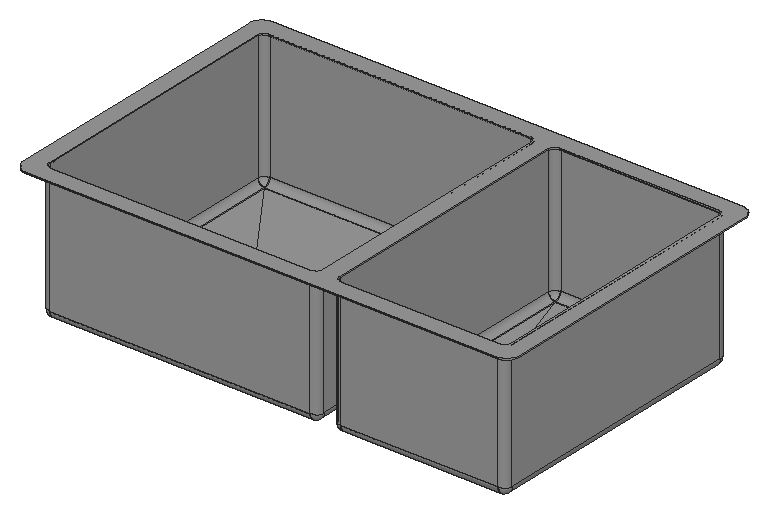
Revit family "BUILDMAT-SNGM011-Clifford-725-Brass-Gold", category Plumbing Fixtures, host Face, Revit 2020
Family settings
  Host = Face
  Round Connector Dimension = Use Diameter
  Part Type = Normal
  Cut with Voids When Loaded = No
  Shared = No
  Room Calculation Point = No
Parameters (values of type "Clifford 725x450x205mm")
  Width 2 = 250.0 mm
  Width 1 = 400.0 mm
  Undermount [instance] = 20.0 mm
  URL = "https://www.buildmat.com.au/products/725x450x205-single-and-qtr-bowl-sink"
  Sound Pad 2 = no
  Sound Pad 1 = yes
  Model = "SNA01011"  # constant formula
  Manufacturer URL = "https://www.buildmat.com.au/"
  Manufacturer = "BUILDMAT"  # constant formula
  Length = 400.0 mm
  Gap = 25.0 mm
  Drain Sound Pad 2 = yes
  Drain Sound Pad 1 = yes
  Description = "BUILDMAT - Clifford 725x450 Single & 1/4 Bowl Sink"  # constant formula
  Depth = 205.0 mm
  Default Elevation = 1200.0 mm
  D. S. Pad 2 = 75.0 mm
  D. S. Pad 1 = 230.0 mm
  D. Bracket 4 = 100.0 mm
  D. Bracket 3 = 25.0 mm
  D. Bracket 2 = 30.0 mm
  D. Bracket 1 = 100.0 mm
  Created By URL = "https://www.buildmat.com.au/"
  Created By = "BUILDMAT"  # constant formula
  Created = "22.06.2022"  # constant formula
  Bracket 4 = yes
  Bracket 3 = no
  Bracket 2 = yes
  Bracket 1 = yes
  Material = BUILDMAT Brass Gold
Reference planes
  plane 1 "Center (Front/Back)": y = 0
  plane 2: z = 0
  plane 3 "Center (Left/Right)": x = 0
  plane 4: x = -12.5
  plane 5: x = 12.5
  plane 6: x = -412.5
  plane 7: x = 262.5
  plane 8: y = -200
  plane 9: y = 200
  plane 10: x = -437.5
  plane 11: x = 287.5
  plane 12: y = -225
  plane 13: y = 225
  plane 14: x = 137.5
  plane 15: x = -212.5
  plane 16: y = 190
  plane 17: y = -190
  plane 18: x = -402.5
  plane 19: x = -22.5
  plane 20: x = 22.5
  plane 21: x = 252.5
  plane 22: y = 201.5
  plane 23: y = -201.5
  plane 24: x = -414
  plane 25: x = -11
  plane 26: x = 11
  plane 27: x = 264
  plane 28: x = -269.5
  plane 29: x = -155.5
  plane 30: x = -167.5
  plane 31: x = -257.5
  plane 32: x = 80.5
  plane 33: x = 92.5
  plane 34: x = 182.5
  plane 35: x = 194.5
  plane 36 "Sound Pad 1": x = -182.5
  plane 37 "Sound Pad 2": x = 187.5
  plane 38 "Top Substrate": z = -20
  plane 39: z = -18.5
  plane 40 "Bottom Void": z = -225
  plane 41: z = -215
  plane 42: z = -205
  plane 43: z = -220
  plane 44: z = -221.481
  plane 45: z = -216.5
  plane 46 "Sound Pad": z = -125
  plane 47 "Bracket 1": x = -312.5
  plane 48 "Bracket 2": x = -42.5
  plane 49 "Bracket 3": x = 37.5
  plane 50 "Bracket 4": x = 162.5
  plane 51: y = 100
  plane 52: y = -100
  plane 53: x = -312.5
  plane 54: x = -112.5
  plane 55: x = 37.5
  plane 56: x = 237.5
  plane 57: z = -185
  plane 58: z = -165
Forms (mm)
  Extrusion 1, void
    sketch origin (0, 0, 0) x (1, 0, 0) y (0, 1, 0)
      loop
        arc (-402.5, 200) -> (-409.571, 197.071) -> (-412.5, 190) r 10
        line (-412.5, 190) -> (-412.5, -190)
        arc (-412.5, -190) -> (-409.571, -197.071) -> (-402.5, -200) r 10
        line (-402.5, -200) -> (252.5, -200)
        arc (252.5, -200) -> (259.571, -197.071) -> (262.5, -190) r 10
        line (262.5, -190) -> (262.5, 190)
        arc (262.5, 190) -> (259.571, 197.071) -> (252.5, 200) r 10
        line (252.5, 200) -> (-402.5, 200)
    from 0 to -18.5
  Extrusion 2, void
    sketch origin (0, 0, 0) x (1, 0, 0) y (0, 1, 0)
      loop
        arc (-417.5, 225) -> (-431.642, 219.142) -> (-437.5, 205) r 20
        line (-437.5, 205) -> (-437.5, -205)
        arc (-437.5, -205) -> (-431.642, -219.142) -> (-417.5, -225) r 20
        line (-417.5, -225) -> (267.5, -225)
        arc (267.5, -225) -> (281.642, -219.142) -> (287.5, -205) r 20
        line (287.5, -205) -> (287.5, 205)
        arc (287.5, 205) -> (281.642, 219.142) -> (267.5, 225) r 20
        line (267.5, 225) -> (-417.5, 225)
    from -20 to -18.5
  Extrusion 3, void
    sketch origin (0, 0, 0) x (1, 0, 0) y (0, 1, 0)
      loop
        line (-414, 201.5) -> (-414, -201.5) -> (264, -201.5) -> (264, 201.5) -> (-414, 201.5)
    from -225 to -20
  Extrusion 4, solid, material "BUILDMAT Brass Gold" <- "Material"
    sketch origin (0, 0, -20) x (-1, 0, 0) y (0, -1, 0)
      loop
        arc (417.5, -225) -> (431.642, -219.142) -> (437.5, -205) r 20
        line (437.5, -205) -> (437.5, 205)
        arc (437.5, 205) -> (431.642, 219.142) -> (417.5, 225) r 20
        line (417.5, 225) -> (-267.5, 225)
        arc (-267.5, 225) -> (-281.642, 219.142) -> (-287.5, 205) r 20
        line (-287.5, 205) -> (-287.5, -205)
        arc (-287.5, -205) -> (-281.642, -219.142) -> (-267.5, -225) r 20
        line (-267.5, -225) -> (417.5, -225)
      loop
        arc (402.5, -200) -> (409.571, -197.071) -> (412.5, -190) r 10
        line (412.5, -190) -> (412.5, 190)
        arc (412.5, 190) -> (409.571, 197.071) -> (402.5, 200) r 10
        line (402.5, 200) -> (22.5, 200)
        arc (22.5, 200) -> (15.429, 197.071) -> (12.5, 190) r 10
        line (12.5, 190) -> (12.5, -190)
        arc (12.5, -190) -> (15.429, -197.071) -> (22.5, -200) r 10
        line (22.5, -200) -> (402.5, -200)
      loop
        line (-12.5, -190) -> (-12.5, 190)
        arc (-12.5, 190) -> (-15.429, 197.071) -> (-22.5, 200) r 10
        line (-22.5, 200) -> (-252.5, 200)
        arc (-252.5, 200) -> (-259.571, 197.071) -> (-262.5, 190) r 10
        line (-262.5, 190) -> (-262.5, -190)
        arc (-262.5, -190) -> (-259.571, -197.071) -> (-252.5, -200) r 10
        line (-252.5, -200) -> (-22.5, -200)
        arc (-22.5, -200) -> (-15.429, -197.071) -> (-12.5, -190) r 10
    from 0 to 1.5
  Extrusion 5, solid, material "BUILDMAT Brass Gold" <- "Material"
    sketch origin (0, 0, -20) x (-1, 0, 0) y (0, -1, 0)
      loop
        arc (402.5, -200) -> (409.571, -197.071) -> (412.5, -190) r 10
        line (412.5, -190) -> (412.5, 190)
        arc (412.5, 190) -> (409.571, 197.071) -> (402.5, 200) r 10
        line (402.5, 200) -> (22.5, 200)
        arc (22.5, 200) -> (15.429, 197.071) -> (12.5, 190) r 10
        line (12.5, 190) -> (12.5, -190)
        arc (12.5, -190) -> (15.429, -197.071) -> (22.5, -200) r 10
        line (22.5, -200) -> (402.5, -200)
      loop
        arc (402.5, -201.5) -> (410.632, -198.132) -> (414, -190) r 11.5
        line (414, -190) -> (414, 190)
        arc (414, 190) -> (410.632, 198.132) -> (402.5, 201.5) r 11.5
        line (402.5, 201.5) -> (22.5, 201.5)
        arc (22.5, 201.5) -> (14.368, 198.132) -> (11, 190) r 11.5
        line (11, 190) -> (11, -190)
        arc (11, -190) -> (14.368, -198.132) -> (22.5, -201.5) r 11.5
        line (22.5, -201.5) -> (402.5, -201.5)
    from 0 to -185
  Extrusion 6, solid, material "BUILDMAT Brass Gold" <- "Material"
    sketch origin (0, 0, -20) x (-1, 0, 0) y (0, -1, 0)
      loop
        arc (-22.5, -200) -> (-15.429, -197.071) -> (-12.5, -190) r 10
        line (-12.5, -190) -> (-12.5, 190)
        arc (-12.5, 190) -> (-15.429, 197.071) -> (-22.5, 200) r 10
        line (-22.5, 200) -> (-252.5, 200)
        arc (-252.5, 200) -> (-259.571, 197.071) -> (-262.5, 190) r 10
        line (-262.5, 190) -> (-262.5, -190)
        arc (-262.5, -190) -> (-259.571, -197.071) -> (-252.5, -200) r 10
        line (-252.5, -200) -> (-22.5, -200)
      loop
        line (-11, -190) -> (-11, 190)
        arc (-11, 190) -> (-14.368, 198.132) -> (-22.5, 201.5) r 11.5
        line (-22.5, 201.5) -> (-252.5, 201.5)
        arc (-252.5, 201.5) -> (-260.632, 198.132) -> (-264, 190) r 11.5
        line (-264, 190) -> (-264, -190)
        arc (-264, -190) -> (-260.632, -198.132) -> (-252.5, -201.5) r 11.5
        line (-252.5, -201.5) -> (-22.5, -201.5)
        arc (-22.5, -201.5) -> (-14.368, -198.132) -> (-11, -190) r 11.5
    from 0 to -185
  Extrusion 7, solid, material "BUILDMAT Brass Gold" <- "Material"
    sketch origin (0, 0, 0) x (1, 0, 0) y (0, 0, 1)
      loop
        line (-412.5, -205) -> (-414, -205)
        arc (-414, -205) -> (-410.632, -213.132) -> (-402.5, -216.5) r 11.5
        line (-402.5, -216.5) -> (-402.5, -215)
        arc (-402.5, -215) -> (-409.571, -212.071) -> (-412.5, -205) r 10
    from -190 to 190
  Extrusion 8, solid, material "BUILDMAT Brass Gold" <- "Material"
    sketch origin (0, 0, 0) x (1, 0, 0) y (0, 0, 1)
      loop
        arc (-12.5, -205) -> (-15.429, -212.071) -> (-22.5, -215) r 10
        line (-22.5, -215) -> (-22.5, -216.5)
        arc (-22.5, -216.5) -> (-14.368, -213.132) -> (-11, -205) r 11.5
        line (-11, -205) -> (-12.5, -205)
    from -190 to 190
  Extrusion 9, solid, material "BUILDMAT Brass Gold" <- "Material"
    sketch origin (0, 0, 0) x (1, 0, 0) y (0, 0, 1)
      loop
        line (12.5, -205) -> (11, -205)
        arc (11, -205) -> (14.368, -213.132) -> (22.5, -216.5) r 11.5
        line (22.5, -216.5) -> (22.5, -215)
        arc (22.5, -215) -> (15.429, -212.071) -> (12.5, -205) r 10
    from -190 to 190
  Extrusion 10, solid, material "BUILDMAT Brass Gold" <- "Material"
    sketch origin (0, 0, 0) x (1, 0, 0) y (0, 0, 1)
      loop
        arc (262.5, -205) -> (259.571, -212.071) -> (252.5, -215) r 10
        line (252.5, -215) -> (252.5, -216.5)
        arc (252.5, -216.5) -> (260.632, -213.132) -> (264, -205) r 11.5
        line (264, -205) -> (262.5, -205)
    from -190 to 190
  Extrusion 11, solid, material "BUILDMAT Brass Gold" <- "Material"
    sketch origin (0, 0, 0) x (0, 1, 0) y (0, 0, 1)
      loop
        line (201.5, -205) -> (200, -205)
        arc (200, -205) -> (197.071, -212.071) -> (190, -215) r 10
        line (190, -215) -> (190, -216.5)
        arc (190, -216.5) -> (198.132, -213.132) -> (201.5, -205) r 11.5
    from 22.5 to 252.5
  Extrusion 12, solid, material "BUILDMAT Brass Gold" <- "Material"
    sketch origin (0, 0, 0) x (0, 1, 0) y (0, 0, 1)
      loop
        line (-200, -205) -> (-201.5, -205)
        arc (-201.5, -205) -> (-198.132, -213.132) -> (-190, -216.5) r 11.5
        line (-190, -216.5) -> (-190, -215)
        arc (-190, -215) -> (-197.071, -212.071) -> (-200, -205) r 10
    from 22.5 to 252.5
  Extrusion 13, solid, material "BUILDMAT Brass Gold" <- "Material"
    sketch origin (0, 0, 0) x (0, 1, 0) y (0, 0, 1)
      loop
        arc (200, -205) -> (197.071, -212.071) -> (190, -215) r 10
        line (190, -215) -> (190, -216.5)
        arc (190, -216.5) -> (198.132, -213.132) -> (201.5, -205) r 11.5
        line (201.5, -205) -> (200, -205)
    from -402.5 to -22.5
  Extrusion 14, solid, material "BUILDMAT Brass Gold" <- "Material"
    sketch origin (0, 0, 0) x (0, 1, 0) y (0, 0, 1)
      loop
        line (-200, -205) -> (-201.5, -205)
        arc (-201.5, -205) -> (-198.132, -213.132) -> (-190, -216.5) r 11.5
        line (-190, -216.5) -> (-190, -215)
        arc (-190, -215) -> (-197.071, -212.071) -> (-200, -205) r 10
    from -402.5 to -22.5
  Revolve 15, solid, material "BUILDMAT Brass Gold" <- "Material"
    sketch origin (-423.435, 190, 4000) x (-1, 0, 0) y (0, 0, 1)
      loop
        arc (-10.935, -4205) -> (-13.864, -4212.071) -> (-20.935, -4215) r 10
        line (-20.935, -4215) -> (-20.935, -4216.5)
        arc (-20.935, -4216.5) -> (-12.804, -4213.132) -> (-9.435, -4205) r 11.5
        line (-9.435, -4205) -> (-10.935, -4205)
      axis (-20.935, -4205) -> (-20.935, -4216.5)
    angle from -90 to 0
  Revolve 16, solid, material "BUILDMAT Brass Gold" <- "Material"
    sketch origin (-423.435, 190, 4000) x (-1, 0, 0) y (0, 0, 1)
      loop
        line (-410.935, -4205) -> (-412.435, -4205)
        arc (-412.435, -4205) -> (-409.067, -4213.132) -> (-400.935, -4216.5) r 11.5
        line (-400.935, -4216.5) -> (-400.935, -4215)
        arc (-400.935, -4215) -> (-408.006, -4212.071) -> (-410.935, -4205) r 10
      axis (-400.935, -4205) -> (-400.935, -4216.5)
    angle from -90 to 0
  Revolve 17, solid, material "BUILDMAT Brass Gold" <- "Material"
    sketch origin (-423.435, 190, 4000) x (-1, 0, 0) y (0, 0, 1)
      loop
        arc (-435.935, -4205) -> (-438.864, -4212.071) -> (-445.935, -4215) r 10
        line (-445.935, -4215) -> (-445.935, -4216.5)
        arc (-445.935, -4216.5) -> (-437.804, -4213.132) -> (-434.435, -4205) r 11.5
        line (-434.435, -4205) -> (-435.935, -4205)
      axis (-445.935, -4205) -> (-445.935, -4216.5)
    angle from -90 to 0
  Revolve 18, solid, material "BUILDMAT Brass Gold" <- "Material"
    sketch origin (-423.435, 190, 4000) x (-1, 0, 0) y (0, 0, 1)
      loop
        line (-685.935, -4205) -> (-687.435, -4205)
        arc (-687.435, -4205) -> (-684.067, -4213.132) -> (-675.935, -4216.5) r 11.5
        line (-675.935, -4216.5) -> (-675.935, -4215)
        arc (-675.935, -4215) -> (-683.006, -4212.071) -> (-685.935, -4205) r 10
      axis (-675.935, -4205) -> (-675.935, -4216.5)
    angle from -90 to 0
  Revolve 19, solid, material "BUILDMAT Brass Gold" <- "Material"
    sketch origin (-423.435, -190, 4000) x (-1, 0, 0) y (0, 0, 1)
      loop
        arc (-10.935, -4205) -> (-13.864, -4212.071) -> (-20.935, -4215) r 10
        line (-20.935, -4215) -> (-20.935, -4216.5)
        arc (-20.935, -4216.5) -> (-12.804, -4213.132) -> (-9.435, -4205) r 11.5
        line (-9.435, -4205) -> (-10.935, -4205)
      axis (-20.935, -4205) -> (-20.935, -4216.5)
    angle from 0 to 90
  Revolve 20, solid, material "BUILDMAT Brass Gold" <- "Material"
    sketch origin (-423.435, -190, 4000) x (-1, 0, 0) y (0, 0, 1)
      loop
        arc (-412.435, -4205) -> (-409.067, -4213.132) -> (-400.935, -4216.5) r 11.5
        line (-400.935, -4216.5) -> (-400.935, -4215)
        arc (-400.935, -4215) -> (-408.006, -4212.071) -> (-410.935, -4205) r 10
        line (-410.935, -4205) -> (-412.435, -4205)
      axis (-400.935, -4205) -> (-400.935, -4216.5)
    angle from 0 to 90
  Revolve 21, solid, material "BUILDMAT Brass Gold" <- "Material"
    sketch origin (-423.435, -190, 4000) x (-1, 0, 0) y (0, 0, 1)
      loop
        line (-434.435, -4205) -> (-435.935, -4205)
        arc (-435.935, -4205) -> (-438.864, -4212.071) -> (-445.935, -4215) r 10
        line (-445.935, -4215) -> (-445.935, -4216.5)
        arc (-445.935, -4216.5) -> (-437.804, -4213.132) -> (-434.435, -4205) r 11.5
      axis (-445.935, -4205) -> (-445.935, -4216.5)
    angle from 0 to 90
  Revolve 22, solid, material "BUILDMAT Brass Gold" <- "Material"
    sketch origin (-423.435, -190, 4000) x (-1, 0, 0) y (0, 0, 1)
      loop
        arc (-687.435, -4205) -> (-684.067, -4213.132) -> (-675.935, -4216.5) r 11.5
        line (-675.935, -4216.5) -> (-675.935, -4215)
        arc (-675.935, -4215) -> (-683.006, -4212.071) -> (-685.935, -4205) r 10
        line (-685.935, -4205) -> (-687.435, -4205)
      axis (-675.935, -4205) -> (-675.935, -4216.5)
    angle from 0 to 90
  Extrusion 23, solid, material "BUILDMAT Brass Gold" <- "Material"
    sketch origin (0, 0, -20) x (-1, 0, 0) y (0, -1, 0)
      loop
        line (22.5, -190) -> (402.5, -190) -> (402.5, 190) -> (22.5, 190) -> (22.5, -190)
    from -196.5 to -195
  Extrusion 24, solid, material "BUILDMAT Brass Gold" <- "Material"
    sketch origin (0, 0, -20) x (-1, 0, 0) y (0, -1, 0)
      loop
        line (-22.5, -190) -> (-22.5, 190) -> (-252.5, 190) -> (-252.5, -190) -> (-22.5, -190)
    from -196.5 to -195
  Blend 25, solid, material "BUILDMAT Brass Gold" <- "Material"
    base sketch origin (0, 0, -20) x (-1, 0, 0) y (0, -1, 0)
      loop
        circle (212.5, 0) r 57
    top sketch origin (0, 0, -20) x (-1, 0, 0) y (0, -1, 0)
      loop
        line (402.5, -190) -> (402.5, 190) -> (22.5, 190) -> (22.5, -190) -> (402.5, -190)
    from -201.481 to -196.5
  Blend 26, solid, material "BUILDMAT Brass Gold" <- "Material"
    base sketch origin (0, 0, -20) x (-1, 0, 0) y (0, -1, 0)
      loop
        circle (-137.5, 0) r 57
    top sketch origin (0, 0, -20) x (-1, 0, 0) y (0, -1, 0)
      loop
        line (-22.5, -190) -> (-22.5, 190) -> (-252.5, 190) -> (-252.5, -190) -> (-22.5, -190)
    from -201.481 to -196.5
  Blend 27, void
    base sketch origin (0, 0, -20) x (-1, 0, 0) y (0, -1, 0)
      loop
        circle (212.5, 0) r 57
    top sketch origin (0, 0, -20) x (-1, 0, 0) y (0, -1, 0)
      loop
        line (402.5, -190) -> (402.5, 190) -> (22.5, 190) -> (22.5, -190) -> (402.5, -190)
    from -200 to -195
  Blend 28, void
    base sketch origin (0, 0, -20) x (-1, 0, 0) y (0, -1, 0)
      loop
        circle (-137.5, 0) r 57
    top sketch origin (0, 0, -20) x (-1, 0, 0) y (0, -1, 0)
      loop
        line (-22.5, -190) -> (-22.5, 190) -> (-252.5, 190) -> (-252.5, -190) -> (-22.5, -190)
    from -200 to -195
  Extrusion 29, void
    sketch origin (0, 0, -225) x (-1, 0, 0) y (0, -1, 0)
      loop
        circle (212.5, 0) r 57
    from 0 to 5
  Extrusion 30, void
    sketch origin (0, 0, -225) x (-1, 0, 0) y (0, -1, 0)
      loop
        circle (-137.5, 0) r 57
    from 0 to 5
  Revolve 31, solid, material "BUILDMAT Brass Gold" <- "Material"
    sketch origin (0, 0, 0) x (1, 0, 0) y (0, 0, 1)
      loop
        spline (-269.5, -220) -> (-269.397, -220.653) -> (-269.091, -221.294) -> (-268.587, -221.913) -> (-267.892, -222.5) -> (-267.02, -223.044) -> (-265.985, -223.536) -> (-264.805, -223.967) -> (-263.5, -224.33) -> (-262.092, -224.619) -> (-260.606, -224.83) -> (-259.066, -224.957) -> (-257.5, -225)
        line (-257.5, -225) -> (-257.5, -223.5)
        spline (-257.5, -223.5) -> (-258.871, -223.47) -> (-260.218, -223.381) -> (-261.518, -223.234) -> (-262.75, -223.031) -> (-263.892, -222.777) -> (-264.925, -222.475) -> (-265.83, -222.131) -> (-266.593, -221.75) -> (-267.201, -221.339) -> (-267.642, -220.906) -> (-267.91, -220.457) -> (-268, -220)
        line (-268, -220) -> (-269.5, -220)
      axis (-212.5, -225) -> (-212.5, -220)
    angle from 0 to 360
  Revolve 32, solid, material "BUILDMAT Brass Gold" <- "Material"
    sketch origin (0, 0, 0) x (1, 0, 0) y (0, 0, 1)
      loop
        line (194.5, -220) -> (193, -220)
        spline (193, -220) -> (192.91, -220.457) -> (192.642, -220.906) -> (192.201, -221.339) -> (191.593, -221.75) -> (190.83, -222.131) -> (189.925, -222.475) -> (188.892, -222.777) -> (187.75, -223.031) -> (186.518, -223.234) -> (185.218, -223.381) -> (183.871, -223.47) -> (182.5, -223.5)
        line (182.5, -223.5) -> (182.5, -225)
        spline (182.5, -225) -> (184.066, -224.957) -> (185.606, -224.83) -> (187.092, -224.619) -> (188.5, -224.33) -> (189.805, -223.967) -> (190.985, -223.536) -> (192.02, -223.044) -> (192.892, -222.5) -> (193.587, -221.913) -> (194.091, -221.294) -> (194.397, -220.653) -> (194.5, -220)
      axis (137.5, -220) -> (137.5, -225)
    angle from 0 to 360
Cuts and joins
  Blend 27, Extrusion 29 cuts Extrusion 23
  Blend 27, Extrusion 29 cuts Blend 25
  joined: Extrusion 23, Blend 25
  Blend 28, Extrusion 30 cuts Extrusion 24
  Blend 28, Extrusion 30 cuts Blend 26
  joined: Extrusion 24, Blend 26
Lines and regions (mm)
  Masking region 1
    outline origin (0, 0, 0) x (1, 0, 0) y (0, 0, 1)
      loop
        line (-412.5, -20) -> (-412.5, -205)
        arc (-412.5, -205) -> (-409.571, -212.071) -> (-402.5, -215) r 10
        line (-402.5, -215) -> (-269.5, -220) -> (-155.5, -220) -> (-22.5, -215)
        arc (-22.5, -215) -> (-15.429, -212.071) -> (-12.5, -205) r 10
        line (-12.5, -205) -> (-12.5, -20) -> (-412.5, -20)
  Masking region 2
    outline origin (0, 0, 0) x (1, 0, 0) y (0, 0, 1)
      loop
        line (12.5, -20) -> (12.5, -205)
        arc (12.5, -205) -> (14.848, -211.438) -> (20.789, -214.852) r 10
        line (20.789, -214.852) -> (80.5, -220) -> (194.5, -220) -> (252.5, -215)
        arc (252.5, -215) -> (259.571, -212.071) -> (262.5, -205) r 10
        line (262.5, -205) -> (262.5, -20) -> (12.5, -20)
  Masking region 3, visible <- "Drain Sound Pad 1"
    outline origin (0, 0, 0) x (1, 0, 0) y (0, 0, 1)
      loop
        line (-269.5, -221.481) -> (-312.5, -219.871) -> (-312.5, -225) -> (-269.5, -225) -> (-269.5, -221.481)
  Masking region 4, visible <- "Drain Sound Pad 1"
    outline origin (0, 0, 0) x (1, 0, 0) y (0, 0, 1)
      loop
        line (-155.5, -221.481) -> (-155.5, -225) -> (-112.5, -225) -> (-112.5, -219.871) -> (-155.5, -221.481)
  Masking region 5, visible <- "Drain Sound Pad 2"
    outline origin (0, 0, 0) x (1, 0, 0) y (0, 0, 1)
      loop
        line (37.5, -217.788) -> (37.5, -225) -> (80.5, -225) -> (80.5, -221.481) -> (37.5, -217.788)
  Masking region 6, visible <- "Drain Sound Pad 2"
    outline origin (0, 0, 0) x (1, 0, 0) y (0, 0, 1)
      loop
        line (237.5, -217.788) -> (194.5, -221.481) -> (194.5, -225) -> (237.5, -225) -> (237.5, -217.788)
  Masking region 7
    outline origin (0, 0, 0) x (1, 0, 0) y (0, 0, 1)
      loop
        line (-11, -165) -> (-11, -185) -> (11, -185) -> (11, -165) -> (-11, -165)
Text (mm)
  text "Refer to www.buildmat.com.au for the most current product literature. \nAllow a +/- 5mm tolerance for dimensions shown in the product literature. \nPlease note product details are subject to change due to ongoing product development." at (0.056, -1035.857, 0), in view "Ref. Level"
Dimensions and locks
  equal spacing: plane 4, plane 3 "Center (Left/Right)", plane 5
  "Gap": plane 4 to plane 5
  "Width 1": plane 6 to plane 4
  "Width 2": plane 5 to plane 7
  equal spacing: plane 9, plane 1 "Center (Front/Back)", plane 8
  "Length": plane 8 to plane 9
  locked: plane 10 to plane 6 at 25
  locked: plane 7 to plane 11 at 25
  locked: plane 13 to plane 9 at 25
  locked: plane 8 to plane 12 at 25
  equal spacing: plane 5, plane 14, plane 7
  equal spacing: plane 6, plane 15, plane 4
  locked: plane 9 to plane 16 at 10
  locked: plane 17 to plane 8 at 10
  locked: plane 6 to plane 18 at 10
  locked: plane 19 to plane 4 at 10
  locked: plane 5 to plane 20 at 10
  locked: plane 21 to plane 7 at 10
  locked: plane 8 to plane 23 at 1.5
  locked: plane 22 to plane 9 at 1.5
  locked: plane 24 to plane 6 at 1.5
  locked: plane 4 to plane 25 at 1.5
  locked: plane 26 to plane 5 at 1.5
  locked: plane 7 to plane 27 at 1.5
  plane 28 to plane 15 to plane 29 = 57.0 mm locked, 57.0 mm locked
  plane 31 to plane 15 to plane 30 = 45.0 mm locked, 45.0 mm locked
  plane 32 to plane 14 to plane 35 = 57.0 mm locked, 57.0 mm locked
  plane 33 to plane 14 to plane 34 = 45.0 mm locked, 45.0 mm locked
  locked: plane 39 to plane 38 "Top Substrate" at 1.5
  plane 42 to plane 41 to plane 40 "Bottom Void" = 10.0 mm locked, 10.0 mm locked
  locked: plane 43 to plane 40 "Bottom Void" at 5
  locked: plane 43 to plane 44 at 1.481
  locked: plane 41 to plane 45 at 1.5
  locked: plane 46 "Sound Pad" to plane 40 "Bottom Void" at 100
  "Depth": plane 38 "Top Substrate" to plane 40 "Bottom Void"
  "Undermount": plane 2 to plane 38 "Top Substrate"
  "D. S. Pad 1": plane 36 "Sound Pad 1" to plane 6
  "D. S. Pad 2": plane 7 to plane 37 "Sound Pad 2"
  "D. Bracket 1": plane 47 "Bracket 1" to plane 6
  "D. Bracket 2": plane 4 to plane 48 "Bracket 2"
  "D. Bracket 3": plane 49 "Bracket 3" to plane 5
  "D. Bracket 4": plane 7 to plane 50 "Bracket 4"
  locked: plane 9 to plane 51 at 100
  locked: plane 52 to plane 8 at 100
  plane 54 to plane 15 to plane 53 = 100.0 mm locked, 100.0 mm locked
  plane 56 to plane 14 to plane 55 = 100.0 mm locked, 100.0 mm locked
  plane 58 to plane 57 to plane 42 = 20.0 mm locked, 20.0 mm locked
  aligned and locked: plane 2 to host face
  aligned and locked: level to host face
  aligned and locked: Extrusion 1 sketch curve to plane 9
  aligned and locked: Extrusion 1 sketch curve to plane 6
  aligned and locked: Extrusion 1 sketch curve to plane 7
  aligned and locked: Extrusion 1 sketch curve to plane 8
  aligned and locked: Extrusion 1 to level
  aligned and locked: Extrusion 1 to plane 39
  aligned and locked: Extrusion 2 sketch curve to plane 13
  aligned and locked: Extrusion 2 sketch curve to plane 10
  aligned and locked: Extrusion 2 sketch curve to plane 11
  aligned and locked: Extrusion 2 sketch curve to plane 12
  aligned and locked: Extrusion 2 to plane 38 "Top Substrate"
  aligned and locked: plane 39 to Extrusion 2
  aligned and locked: Extrusion 3 sketch curve to plane 22
  aligned and locked: Extrusion 3 sketch curve to plane 24
  aligned and locked: Extrusion 3 sketch curve to plane 27
  aligned and locked: Extrusion 3 sketch curve to plane 23
  aligned and locked: Extrusion 3 to plane 40 "Bottom Void"
  aligned and locked: plane 38 "Top Substrate" to Extrusion 3
  aligned and locked: Extrusion 4 sketch curve to plane 13
  aligned and locked: Extrusion 4 sketch curve to plane 10
  aligned and locked: Extrusion 4 sketch curve to plane 11
  aligned and locked: Extrusion 4 sketch curve to plane 12
  aligned and locked: Extrusion 4 sketch curve to plane 9  (x2)
  aligned and locked: Extrusion 4 sketch curve to plane 6
  aligned and locked: Extrusion 4 sketch curve to plane 8  (x2)
  aligned and locked: Extrusion 4 sketch curve to plane 4
  aligned and locked: Extrusion 4 sketch curve to plane 5
  aligned and locked: Extrusion 4 sketch curve to plane 7
  aligned and locked: Extrusion 4 to plane 38 "Top Substrate"
  aligned and locked: plane 39 to Extrusion 4
  aligned and locked: Extrusion 5 sketch curve to plane 9
  aligned and locked: Extrusion 5 sketch curve to plane 22
  aligned and locked: Extrusion 5 sketch curve to plane 6
  aligned and locked: Extrusion 5 sketch curve to plane 24
  aligned and locked: Extrusion 5 sketch curve to plane 25
  aligned and locked: Extrusion 5 sketch curve to plane 4
  aligned and locked: Extrusion 5 sketch curve to plane 23
  aligned and locked: Extrusion 5 sketch curve to plane 8
  aligned and locked: Extrusion 5 to plane 42
  aligned and locked: plane 38 "Top Substrate" to Extrusion 5
  aligned and locked: Extrusion 6 sketch curve to plane 9
  aligned and locked: Extrusion 6 sketch curve to plane 7
  aligned and locked: Extrusion 6 sketch curve to plane 8
  aligned and locked: Extrusion 6 sketch curve to plane 5
  aligned and locked: Extrusion 6 sketch curve to plane 26
  aligned and locked: Extrusion 6 sketch curve to plane 27
  aligned and locked: Extrusion 6 sketch curve to plane 22
  aligned and locked: Extrusion 6 sketch curve to plane 23
  aligned and locked: Extrusion 6 to plane 42
  aligned and locked: plane 38 "Top Substrate" to Extrusion 6
  aligned and locked: Extrusion 7 sketch curve to plane 42
  aligned and locked: Extrusion 7 sketch curve to plane 18
  aligned and locked: Extrusion 8 sketch curve to plane 42
  aligned and locked: Extrusion 8 sketch curve to plane 19
  aligned and locked: Extrusion 9 sketch curve to plane 42
  aligned and locked: Extrusion 9 sketch curve to plane 20
  aligned and locked: Extrusion 10 sketch curve to plane 21
  aligned and locked: Extrusion 10 sketch curve to plane 42
  aligned and locked: plane 16 to Extrusion 10
  aligned and locked: plane 16 to Extrusion 9
  aligned and locked: plane 16 to Extrusion 8
  aligned and locked: plane 16 to Extrusion 7
  aligned and locked: Extrusion 10 to plane 17
  aligned and locked: Extrusion 9 to plane 17
  aligned and locked: Extrusion 8 to plane 17
  aligned and locked: Extrusion 7 to plane 17
  aligned and locked: plane 42 to Extrusion 11 sketch curve
  aligned and locked: plane 16 to Extrusion 11 sketch curve
  aligned and locked: plane 17 to Extrusion 12 sketch curve
  aligned and locked: plane 42 to Extrusion 12 sketch curve
  aligned and locked: plane 21 to Extrusion 11
  aligned and locked: plane 21 to Extrusion 12
  aligned and locked: Extrusion 11 to plane 20
  aligned and locked: Extrusion 12 to plane 20
  aligned and locked: plane 16 to Extrusion 13 sketch curve
  aligned and locked: plane 42 to Extrusion 13 sketch curve
  aligned and locked: plane 17 to Extrusion 14 sketch curve
  aligned and locked: plane 42 to Extrusion 14 sketch curve
  aligned and locked: Extrusion 14 to plane 18
  aligned and locked: plane 19 to Extrusion 14
  aligned and locked: Extrusion 13 to plane 18
  aligned and locked: plane 19 to Extrusion 13
  aligned and locked: Revolve 15 sketch curve to plane 18
  aligned and locked: plane 42 to Revolve 15 sketch curve
  aligned and locked: plane 18 to Revolve 15 sketch curve
  aligned and locked: plane 18 to Revolve 15
  aligned and locked: plane 16 to Revolve 15
  aligned and locked: Revolve 16 sketch curve to plane 19
  aligned and locked: plane 19 to Revolve 16 sketch curve
  aligned and locked: plane 42 to Revolve 16 sketch curve
  aligned and locked: Revolve 16 to plane 19
  aligned and locked: plane 16 to Revolve 16
  aligned and locked: Revolve 17 sketch curve to plane 20
  aligned and locked: plane 42 to Revolve 17 sketch curve
  aligned and locked: plane 20 to Revolve 17 sketch curve
  aligned and locked: plane 20 to Revolve 17
  aligned and locked: plane 16 to Revolve 17
  aligned and locked: Revolve 18 sketch curve to plane 21
  aligned and locked: plane 21 to Revolve 18 sketch curve
  aligned and locked: plane 42 to Revolve 18 sketch curve
  aligned and locked: Revolve 18 to plane 21
  aligned and locked: plane 16 to Revolve 18
  aligned and locked: Revolve 19 sketch curve to plane 18
  aligned and locked: plane 42 to Revolve 19 sketch curve
  aligned and locked: plane 18 to Revolve 19 sketch curve
  aligned and locked: Revolve 19 to plane 18
  aligned and locked: plane 17 to Revolve 19
  aligned and locked: Revolve 20 sketch curve to plane 19
  aligned and locked: plane 42 to Revolve 20 sketch curve
  aligned and locked: plane 19 to Revolve 20 sketch curve
  aligned and locked: plane 19 to Revolve 20
  aligned and locked: plane 17 to Revolve 20
  aligned and locked: Revolve 21 sketch curve to plane 20
  aligned and locked: plane 42 to Revolve 21 sketch curve
  aligned and locked: plane 20 to Revolve 21 sketch curve
  aligned and locked: Revolve 21 to plane 20
  aligned and locked: plane 17 to Revolve 21
  aligned and locked: Revolve 22 sketch curve to plane 21
  aligned and locked: plane 42 to Revolve 22 sketch curve
  aligned and locked: plane 21 to Revolve 22 sketch curve
  aligned and locked: plane 17 to Revolve 22
  aligned and locked: plane 21 to Revolve 22
  aligned and locked: Extrusion 23 sketch curve to plane 19
  aligned and locked: Extrusion 23 sketch curve to plane 18
  aligned and locked: Extrusion 23 sketch curve to plane 16
  aligned and locked: Extrusion 23 sketch curve to plane 17
  aligned and locked: Extrusion 23 to plane 45
  aligned and locked: plane 41 to Extrusion 23
  aligned and locked: Extrusion 24 sketch curve to plane 16
  aligned and locked: Extrusion 24 sketch curve to plane 17
  aligned and locked: Extrusion 24 sketch curve to plane 21
  aligned and locked: Extrusion 24 sketch curve to plane 20
  aligned and locked: Extrusion 24 to plane 45
  aligned and locked: plane 41 to Extrusion 24
  aligned and locked: plane 44 to Blend 25
  aligned and locked: plane 45 to Blend 25
  aligned and locked: plane 44 to Blend 26
  aligned and locked: Blend 26 to plane 45
  aligned and locked: Blend 25 sketch curve to plane 16
  aligned and locked: Blend 25 sketch curve to plane 17
  aligned and locked: Blend 25 sketch curve to plane 18
  aligned and locked: Blend 25 sketch curve to plane 19
  aligned and locked: Blend 26 sketch curve to plane 16
  aligned and locked: Blend 26 sketch curve to plane 17
  aligned and locked: Blend 26 sketch curve to plane 21
  aligned and locked: Blend 26 sketch curve to plane 20
  aligned and locked: Blend 27 sketch curve to plane 16
  aligned and locked: Blend 27 sketch curve to plane 17
  aligned and locked: Blend 27 sketch curve to plane 18
  aligned and locked: Blend 27 sketch curve to plane 19
  aligned and locked: Blend 27 to plane 43
  aligned and locked: plane 41 to Blend 27
  aligned and locked: Blend 28 sketch curve to plane 16
  aligned and locked: Blend 28 sketch curve to plane 17
  aligned and locked: Blend 28 sketch curve to plane 21
  aligned and locked: Blend 28 sketch curve to plane 20
  aligned and locked: Blend 28 to plane 43
  aligned and locked: plane 41 to Blend 28
  aligned and locked: Extrusion 29 to plane 40 "Bottom Void"
  aligned and locked: plane 43 to Extrusion 29
  aligned and locked: Extrusion 30 to plane 40 "Bottom Void"
  aligned and locked: plane 43 to Extrusion 30
  aligned and locked: plane 15 to Revolve 31 sketch curve
  aligned and locked: Revolve 31 sketch curve to plane 43
  aligned and locked: plane 31 to Revolve 31 sketch curve
  aligned and locked: Revolve 32 sketch curve to plane 14
  aligned and locked: plane 34 to Revolve 32 sketch curve
  aligned and locked: plane 43 to Revolve 32 sketch curve
  aligned and locked: plane 18 to nested 1
  aligned and locked: plane 19 to nested 1
  aligned and locked: plane 17 to nested 1
  aligned and locked: plane 16 to nested 1
  aligned and locked: plane 20 to nested 2
  aligned and locked: plane 21 to nested 2
  aligned and locked: plane 17 to nested 2
  aligned and locked: plane 16 to nested 2
  aligned and locked: plane 14 to nested 4
  aligned and locked: plane 15 to nested 3
  aligned and locked: plane 1 "Center (Front/Back)" to nested 3
  aligned and locked: plane 1 "Center (Front/Back)" to nested 4
  aligned and locked: plane 51 to nested 5
  aligned and locked: plane 24 to nested 5
  aligned and locked: plane 52 to nested 6
  aligned and locked: plane 24 to nested 6
  aligned and locked: plane 51 to nested 7
  aligned and locked: plane 52 to nested 8
  aligned and locked: nested 8 to plane 27
  aligned and locked: nested 7 to plane 27
  aligned and locked: nested 13 to plane 47 "Bracket 1"
  aligned and locked: nested 14 to plane 48 "Bracket 2"
  aligned and locked: plane 23 to nested 13
  aligned and locked: plane 23 to nested 14
  aligned and locked: nested 15 to plane 49 "Bracket 3"
  aligned and locked: plane 23 to nested 15
  aligned and locked: nested 16 to plane 50 "Bracket 4"
  aligned and locked: plane 23 to nested 16
  aligned and locked: plane 47 "Bracket 1" to nested 9
  aligned and locked: nested 9 to plane 22
  aligned and locked: plane 48 "Bracket 2" to nested 10
  aligned and locked: nested 10 to plane 22
  aligned and locked: plane 49 "Bracket 3" to nested 11
  aligned and locked: plane 50 "Bracket 4" to nested 12
  aligned and locked: nested 12 to plane 22
  aligned and locked: nested 11 to plane 22
  aligned and locked: Masking region 1 sketch curve to plane 38 "Top Substrate"
  aligned and locked: Masking region 1 sketch curve to plane 6
  aligned and locked: Masking region 1 sketch curve to plane 4
  aligned and locked: Masking region 1 sketch curve to Extrusion 7
  aligned and locked: Masking region 1 sketch curve to Extrusion 8
  aligned and locked: Masking region 1 sketch curve to plane 43
  aligned and locked: Masking region 1 sketch curve to cut or joined group of Extrusion 23, Blend 25, Blend 27, Extrusion 29  (x2)
  aligned and locked: Masking region 2 sketch curve to plane 38 "Top Substrate"
  aligned and locked: Masking region 2 sketch curve to plane 43
  aligned and locked: Masking region 2 sketch curve to plane 7
  aligned and locked: Masking region 2 sketch curve to plane 5
  aligned and locked: Masking region 2 sketch curve to Extrusion 9
  aligned and locked: Masking region 2 sketch curve to cut or joined group of Extrusion 24, Blend 26, Blend 28, Extrusion 30  (x2)
  aligned and locked: Masking region 2 sketch curve to Extrusion 10
  aligned and locked: nested 17 to plane 38 "Top Substrate"
  aligned and locked: plane 47 "Bracket 1" to nested 17
  aligned and locked: nested 18 to plane 38 "Top Substrate"
  aligned and locked: plane 48 "Bracket 2" to nested 18
  aligned and locked: nested 20 to plane 38 "Top Substrate"
  aligned and locked: plane 50 "Bracket 4" to nested 20
  aligned and locked: nested 19 to plane 38 "Top Substrate"
  aligned and locked: plane 49 "Bracket 3" to nested 19
  aligned and locked: nested 21 to plane 46 "Sound Pad"
  aligned and locked: plane 36 "Sound Pad 1" to nested 21
  aligned and locked: nested 22 to plane 46 "Sound Pad"
  aligned and locked: plane 37 "Sound Pad 2" to nested 22
  aligned and locked: Masking region 3 sketch curve to plane 28
  aligned and locked: cut or joined group of Extrusion 23, Blend 25, Blend 27, Extrusion 29 to Masking region 3 sketch curve
  aligned and locked: Masking region 3 sketch curve to plane 40 "Bottom Void"
  aligned and locked: Masking region 3 sketch curve to plane 53
  aligned and locked: Masking region 4 sketch curve to plane 29
  aligned and locked: Masking region 4 sketch curve to plane 54
  aligned and locked: Masking region 4 sketch curve to plane 40 "Bottom Void"
  aligned and locked: Masking region 4 sketch curve to cut or joined group of Extrusion 23, Blend 25, Blend 27, Extrusion 29
  aligned and locked: cut or joined group of Extrusion 24, Blend 26, Blend 28, Extrusion 30 to Masking region 5 sketch curve
  aligned and locked: Masking region 5 sketch curve to plane 55
  aligned and locked: Masking region 5 sketch curve to plane 32
  aligned and locked: Masking region 5 sketch curve to plane 40 "Bottom Void"
  aligned and locked: Masking region 6 sketch curve to plane 56
  aligned and locked: Masking region 6 sketch curve to plane 35
  aligned and locked: Masking region 6 sketch curve to cut or joined group of Extrusion 24, Blend 26, Blend 28, Extrusion 30
  aligned and locked: Masking region 6 sketch curve to plane 40 "Bottom Void"
  aligned and locked: Masking region 7 sketch curve to plane 58
  aligned and locked: Masking region 7 sketch curve to plane 57
  aligned and locked: Masking region 7 sketch curve to plane 25
  aligned and locked: Masking region 7 sketch curve to plane 26
Automatic sketch dimensions
  host sketch curve to host sketch curve = 2438.4 mm  (x2)
  Extrusion 1 sketch curve to plane 17 = 0.0 mm
  Extrusion 1 sketch curve to plane 18 = 0.0 mm
  Extrusion 1 sketch curve to plane 21 = 0.0 mm
  Extrusion 1 sketch curve to plane 16 = 0.0 mm
  Extrusion 2 sketch curve to plane 24 = 3.5 mm
  Extrusion 2 sketch curve to plane 23 = 3.5 mm
  plane 22 to Extrusion 2 sketch curve = 3.5 mm
  plane 27 to Extrusion 2 sketch curve = 3.5 mm
  Extrusion 4 sketch curve to plane 21 = 0.0 mm
  Extrusion 4 sketch curve to plane 16 = 0.0 mm  (x2)
  Extrusion 4 sketch curve to plane 20 = 0.0 mm
  Extrusion 4 sketch curve to plane 19 = 0.0 mm  (x2)
  Extrusion 4 sketch curve to plane 18 = 0.0 mm  (x2)
  plane 27 to Extrusion 4 sketch curve = 3.5 mm  (x2)
  Extrusion 4 sketch curve to plane 24 = 3.5 mm
  plane 22 to Extrusion 4 sketch curve = 3.5 mm
  Extrusion 5 sketch curve to plane 19 = 0.0 mm
  Extrusion 5 sketch curve to plane 18 = 0.0 mm  (x2)
  Extrusion 5 sketch curve to plane 17 = 0.0 mm
  Extrusion 5 sketch curve to Extrusion 5 sketch curve = 0.0 mm  (x4)
  Extrusion 6 sketch curve to plane 21 = 0.0 mm
  Extrusion 6 sketch curve to plane 20 = 0.0 mm  (x2)
  Extrusion 6 sketch curve to plane 16 = 0.0 mm
  Extrusion 6 sketch curve to Extrusion 6 sketch curve = 0.0 mm  (x4)
  Extrusion 7 sketch curve to plane 6 = 0.0 mm
  Extrusion 7 sketch curve to plane 45 = 0.0 mm
  Extrusion 8 sketch curve to plane 4 = 0.0 mm
  Extrusion 8 sketch curve to plane 45 = 0.0 mm
  Extrusion 9 sketch curve to plane 5 = 0.0 mm
  Extrusion 9 sketch curve to plane 45 = 0.0 mm
  Extrusion 10 sketch curve to plane 7 = 0.0 mm
  Extrusion 10 sketch curve to plane 45 = 0.0 mm
  Extrusion 11 sketch curve to plane 9 = 0.0 mm
  Extrusion 11 sketch curve to plane 45 = 0.0 mm
  Extrusion 12 sketch curve to plane 8 = 0.0 mm
  Extrusion 12 sketch curve to plane 45 = 0.0 mm
  Extrusion 13 sketch curve to plane 9 = 0.0 mm
  Extrusion 13 sketch curve to plane 45 = 0.0 mm
  Extrusion 14 sketch curve to plane 8 = 0.0 mm
  Extrusion 14 sketch curve to plane 45 = 0.0 mm
  Revolve 15 sketch curve to plane 6 = 0.0 mm
  Revolve 15 sketch curve to plane 45 = 0.0 mm  (x2)
  Revolve 15 sketch curve to plane 42 = 0.0 mm
  Revolve 16 sketch curve to plane 4 = 0.0 mm
  Revolve 16 sketch curve to plane 45 = 0.0 mm  (x2)
  Revolve 16 sketch curve to plane 42 = 0.0 mm
  Revolve 17 sketch curve to plane 5 = 0.0 mm
  Revolve 17 sketch curve to plane 45 = 0.0 mm  (x2)
  Revolve 17 sketch curve to plane 42 = 0.0 mm
  Revolve 18 sketch curve to plane 7 = 0.0 mm
  Revolve 18 sketch curve to plane 45 = 0.0 mm  (x2)
  Revolve 18 sketch curve to plane 42 = 0.0 mm
  Revolve 19 sketch curve to plane 6 = 0.0 mm
  Revolve 19 sketch curve to plane 45 = 0.0 mm  (x2)
  Revolve 19 sketch curve to plane 42 = 0.0 mm
  Revolve 20 sketch curve to plane 4 = 0.0 mm
  Revolve 20 sketch curve to plane 45 = 0.0 mm  (x2)
  Revolve 20 sketch curve to plane 42 = 0.0 mm
  Revolve 21 sketch curve to plane 5 = 0.0 mm
  Revolve 21 sketch curve to plane 45 = 0.0 mm  (x2)
  Revolve 21 sketch curve to plane 42 = 0.0 mm
  Revolve 22 sketch curve to plane 7 = 0.0 mm
  Revolve 22 sketch curve to plane 45 = 0.0 mm  (x2)
  Revolve 22 sketch curve to plane 42 = 0.0 mm
  plane 1 "Center (Front/Back)" to Blend 25 sketch curve = 0.0 mm
  Blend 25 sketch curve to plane 15 = 0.0 mm
  plane 1 "Center (Front/Back)" to Blend 26 sketch curve = 0.0 mm
  Blend 26 sketch curve to plane 14 = 0.0 mm
  plane 1 "Center (Front/Back)" to Blend 27 sketch curve = 0.0 mm
  Blend 27 sketch curve to plane 15 = 0.0 mm
  plane 1 "Center (Front/Back)" to Blend 28 sketch curve = 0.0 mm
  Blend 28 sketch curve to plane 14 = 0.0 mm
  plane 1 "Center (Front/Back)" to Extrusion 29 sketch curve = 0.0 mm
  Extrusion 29 sketch curve to plane 15 = 0.0 mm
  plane 1 "Center (Front/Back)" to Extrusion 30 sketch curve = 0.0 mm
  Extrusion 30 sketch curve to plane 14 = 0.0 mm
  Revolve 31 sketch curve to plane 28 = 0.0 mm
  Revolve 31 sketch curve to plane 40 "Bottom Void" = 0.0 mm
  Revolve 31 sketch curve to plane 42 = 0.0 mm
  plane 28 to Revolve 31 sketch curve = 1.5 mm
  Revolve 31 sketch curve to Revolve 31 sketch curve = 1.5 mm
  plane 40 "Bottom Void" to Revolve 31 sketch curve = 0.0 mm
  Revolve 32 sketch curve to plane 35 = 0.0 mm
  Revolve 32 sketch curve to plane 40 "Bottom Void" = 0.0 mm
  Revolve 32 sketch curve to plane 42 = 0.0 mm
  Revolve 32 sketch curve to Revolve 32 sketch curve = 1.5 mm  (x2)
  plane 40 "Bottom Void" to Revolve 32 sketch curve = 0.0 mm
  radius of Blend 25 sketch curve = 57.0 mm
  radius of Blend 26 sketch curve = 57.0 mm
  radius of Blend 27 sketch curve = 57.0 mm
  radius of Blend 28 sketch curve = 57.0 mm
  radius of Extrusion 29 sketch curve = 57.0 mm
  radius of Extrusion 30 sketch curve = 57.0 mm
Nested families
  nested 1: "BOWL Plan" at (-212.5, 0, -125), type "BOWL Plan"
    with Width 380.0 mm, Lenght 380.0 mm
  nested 2: "BOWL Plan" at (137.5, 0, -125), type "BOWL Plan"
    with Width 230.0 mm, Lenght 380.0 mm
  nested 3: "DRAIN" at (-212.5, 0, -20), type "DRAIN"
  nested 4: "DRAIN" at (137.5, 0, -20), type "DRAIN"
  nested 5: "TMB_Plan" at (-414, 100, -225) x (0, 1, 0) z (0, 0, 1), type "TMB_Plan"
  nested 6: "TMB_Plan" at (-414, -100, -225) x (0, 1, 0) z (0, 0, 1), type "TMB_Plan"
  nested 7: "TMB_Plan" at (264, 100, -225) x (0, -1, 0) z (0, 0, 1), type "TMB_Plan"
  nested 8: "TMB_Plan" at (264, -100, -225) x (0, -1, 0) z (0, 0, 1), type "TMB_Plan"
  nested 9: "TMB_Plan" at (-312.5, 201.5, -225), visible <- "Bracket 1", type "TMB_Plan"
  nested 10: "TMB_Plan" at (-42.5, 201.5, -225), visible <- "Bracket 2", type "TMB_Plan"
  nested 11: "TMB_Plan" at (37.5, 201.5, -225), visible <- "Bracket 3", type "TMB_Plan"
  nested 12: "TMB_Plan" at (162.5, 201.5, -225), visible <- "Bracket 4", type "TMB_Plan"
  nested 13: "TMB_Plan" at (-312.5, -201.5, -225) x (-1, 0, 0) z (0, 0, 1), visible <- "Bracket 1", type "TMB_Plan"
  nested 14: "TMB_Plan" at (-42.5, -201.5, -225) x (-1, 0, 0) z (0, 0, 1), visible <- "Bracket 2", type "TMB_Plan"
  nested 15: "TMB_Plan" at (37.5, -201.5, -225) x (-1, 0, 0) z (0, 0, 1), visible <- "Bracket 3", type "TMB_Plan"
  nested 16: "TMB_Plan" at (162.5, -201.5, -225) x (-1, 0, 0) z (0, 0, 1), visible <- "Bracket 4", type "TMB_Plan"
  nested 17: "TMB_Front" at (-312.5, 0, -20) x (1, 0, 0) z (0, -1, 0), visible <- "Bracket 1", type "TMB_Front"
  nested 18: "TMB_Front" at (-42.5, 0, -20) x (1, 0, 0) z (0, -1, 0), visible <- "Bracket 2", type "TMB_Front"
  nested 19: "TMB_Front" at (37.5, 0, -20) x (1, 0, 0) z (0, -1, 0), visible <- "Bracket 3", type "TMB_Front"
  nested 20: "TMB_Front" at (162.5, 0, -20) x (1, 0, 0) z (0, -1, 0), visible <- "Bracket 4", type "TMB_Front"
  nested 21: "SP_Front" at (-182.5, 0, -125) x (1, 0, 0) z (0, -1, 0), visible <- "Sound Pad 1", type "SP_Front"
  nested 22: "SP_Front" at (187.5, 0, -125) x (1, 0, 0) z (0, -1, 0), visible <- "Sound Pad 2", type "SP_Front"
Definition of nested family "BOWL Plan"
  Parameters (values of type "BOWL Plan")
    Width [instance] = 600.0 mm
    Lenght [instance] = 400.0 mm
  Reference planes
    plane 1 "Center (Front/Back)": y = 0
    plane 2: z = 0
    plane 3 "Center (Left/Right)": x = 0
    plane 4 "Left": x = -300
    plane 5 "Right": x = 300
    plane 6 "Back": y = 200
    plane 7 "Front": y = -200
  Lines and regions (mm)
    Masking region 1, in view "Ref. Level"
      outline origin (0, 0, 0) x (1, 0, 0) y (0, 1, 0)
        loop
          line (-300, 200) -> (-300, -200) -> (300, -200) -> (300, 200) -> (-300, 200)
    detail lines, in view "Ref. Level"
      curve 1: line (-300, 200, 0) -> (300, -200, 0)
      curve 2: line (-300, -200, 0) -> (300, 200, 0)
  Dimensions and locks
    equal spacing: plane 6 "Back", plane 1 "Center (Front/Back)", plane 7 "Front"
    "Lenght": plane 6 "Back" to plane 7 "Front"
    equal spacing: plane 4 "Left", plane 3 "Center (Left/Right)", plane 5 "Right"
    "Width": plane 4 "Left" to plane 5 "Right"
    aligned and locked: plane 4 "Left" to Masking region 1 sketch curve
    aligned and locked: Masking region 1 sketch curve to plane 5 "Right"
    aligned and locked: plane 7 "Front" to Masking region 1 sketch curve
    aligned and locked: Masking region 1 sketch curve to plane 6 "Back"
  Automatic sketch dimensions
    curve 2 to plane 4 "Left" = 0.0 mm
    curve 1 to plane 4 "Left" = 0.0 mm
    curve 2 to plane 5 "Right" = 0.0 mm
    curve 1 to plane 5 "Right" = 0.0 mm
    curve 1 to plane 7 "Front" = 0.0 mm
    curve 2 to plane 7 "Front" = 0.0 mm
    curve 2 to plane 6 "Back" = 0.0 mm
    curve 1 to plane 6 "Back" = 0.0 mm
Definition of nested family "DRAIN"
  Reference planes
    plane 1 "Center (Front/Back)": y = 0
    plane 2: z = 0
    plane 3 "Center (Left/Right)": x = 0
  Lines and regions (mm)
    Masking region 1, in view "Ref. Level"
      outline origin (0, 0, 0) x (1, 0, 0) y (0, 1, 0)
        loop
          circle (0, 0) r 57
    detail lines, in view "Ref. Level"
      curve 1: circle (0, 0, 0) r 45 normal (0, 0, 1)
      curve 2: circle (0, 0, 0) r 55.5 normal (0, 0, 1)
Definition of nested family "TMB_Plan"
  Reference planes
    plane 1 "Center (Front/Back)": y = 0
    plane 2: z = 0
    plane 3 "Center (Left/Right)": x = 0
  Lines and regions (mm)
    detail lines, in view "Ref. Level"
      curve 1: line (-17.5, 0, 0) -> (17.5, 0, 0)
      curve 2: line (17.5, 0, 0) -> (17.5, 5, 0)
      curve 3: line (17.5, 5, 0) -> (12.5, 5, 0)
      curve 4: line (-17.5, 0, 0) -> (-17.5, 5, 0)
      curve 5: line (-17.5, 5, 0) -> (-12.5, 5, 0)
Definition of nested family "TMB_Front"
  Reference planes
    plane 1 "Center (Elevation)": y = 0
    plane 2: z = 0
    plane 3 "Center (Left/Right)": x = 0
  Lines and regions (mm)
    Masking region 1, in view "Ref. Level"
      outline origin (0, 0, 0) x (1, 0, 0) y (0, 1, 0)
        loop
          line (-17.5, 0) -> (-17.5, -80) -> (17.5, -80) -> (17.5, 0) -> (-17.5, 0)
    detail lines, in view "Ref. Level"
      curve 1: line (-17.5, 0, 0) -> (-17.5, -80, 0)
      curve 2: line (-17.5, -80, 0) -> (17.5, -80, 0)
      curve 3: line (17.5, -80, 0) -> (17.5, 0, 0)
      curve 4: line (-12.5, -50, 0) -> (12.5, -50, 0)
      curve 5: line (-12.5, -75, 0) -> (-12.5, -50, 0)
      curve 6: line (12.5, -75, 0) -> (-12.5, -75, 0)
      curve 7: line (12.5, -50, 0) -> (12.5, -75, 0)
Definition of nested family "SP_Front"
  Reference planes
    plane 1 "Center (Elevation)": y = 0
    plane 2: z = 0
    plane 3 "Center (Left/Right)": x = 0
  Lines and regions (mm)
    Masking region 1, in view "Ref. Level"
      outline origin (0, 0, 0) x (1, 0, 0) y (0, 1, 0)
        loop
          arc (-50, 40) -> (-57.071, 37.071) -> (-60, 30) r 10
          line (-60, 30) -> (-60, -30)
          arc (-60, -30) -> (-57.071, -37.071) -> (-50, -40) r 10
          line (-50, -40) -> (50, -40)
          arc (50, -40) -> (57.071, -37.071) -> (60, -30) r 10
          line (60, -30) -> (60, 30)
          arc (60, 30) -> (57.071, 37.071) -> (50, 40) r 10
          line (50, 40) -> (-50, 40)
    detail lines, in view "Ref. Level"
      curve 1: line (-50, 40, 0) -> (50, 40, 0)
      curve 2: line (50, -40, 0) -> (-50, -40, 0)
      curve 3: line (60, 30, 0) -> (60, -30, 0)
      curve 4: line (-60, 30, 0) -> (-60, -30, 0)
      curve 5: arc (-50, 40, 0) -> (-57.071, 37.071, 0) -> (-60, 30, 0) r 10
      curve 6: arc (-60, -30, 0) -> (-57.071, -37.071, 0) -> (-50, -40, 0) r 10
      curve 7: arc (50, -40, 0) -> (57.071, -37.071, 0) -> (60, -30, 0) r 10
      curve 8: arc (60, 30, 0) -> (57.071, 37.071, 0) -> (50, 40, 0) r 10
  Dimensions and locks
    aligned and locked: Masking region 1 sketch curve to curve 1
    aligned and locked: Masking region 1 sketch curve to curve 4
    aligned and locked: Masking region 1 sketch curve to curve 2
    aligned and locked: Masking region 1 sketch curve to curve 3
